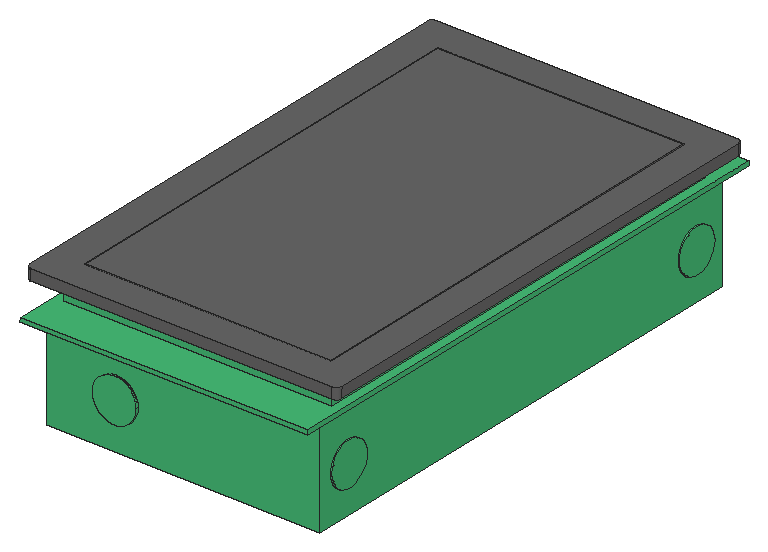
Revit family "Electrical_Equipment-Floor_Box-Hubbell_Wiring-2_Gang-Concrete_Shallow-CFB2G25", category Electrical Fixtures, host Face, Revit 2015
Parameters (values of type "CFB2G25CR")
  URL = "http://www.hubbell-wiring.com/"
  Product data url = "https://bimobject.com/hubbellwiring/product/hubbell-cfb2g25"
  Product Page URL = "http://ecatalog.hubbell-wiring.com/productinformation/viewcatalog.aspx?Dest=hubbell-wiring.com/press/catalog/O.pdf"
  Product Documentation Link = "http://www.hubbell-wiring.com/DrawingLibrary.aspx/"
  Model = "CFB2G25CR"
  Manufacturer = "Hubbell-Wiring"  # constant formula
  Keynote = ""
  Device Plate 2 [instance] = Device Plate : FBMP139 - Simplex / 20A - 1.39" circular opening
  Device Plate 1 [instance] = Device Plate : FBMP139 - Simplex / 20A - 1.39" circular opening
  Description = "2 Gang Concrete Floor Box Shallow"  # constant formula
  Default Elevation = 0.00"
  Cover Type [instance] = 2-4Carpet : 24GCCVRBK - Black - No Recess
  Conduit Connector_9 Description = "Conduit 1in, 0.75in. or 0.5in. Connection"
  Conduit Connector_8 Description = "Conduit 1in, 0.75in. or 0.5in. Connection"
  Conduit Connector_7 Description = "Conduit 1in, 0.75in. or 0.5in. Connection"
  Conduit Connector_6 Description = "Conduit 1in, 0.75in. or 0.5in. Connection"
  Conduit Connector_5 Description = "Conduit 1in, 0.75in. or 0.5in. Connection"
  Conduit Connector_4 Description = "Conduit 1in, 0.75in. or 0.5in. Connection"
  Conduit Connector_3 Description = "Conduit 1in, 0.75in. or 0.5in. Connection"
  Conduit Connector_2 Description = "Conduit 1in, 0.75in. or 0.5in. Connection"
  Conduit Connector_10 Description = "Conduit 1in, 0.75in. or 0.5in. Connection"
  Conduit Connector_1 Description = "Conduit 1in, 0.75in. or 0.5in. Connection"
  Conduit Connector 1 Radius = 0.50"
  Box Material = Metal - Hubbell - Green Finish
  Assembly Code = "D5020115"
Types (2): name | Model | Cover Type | Box Material
  CFB2G25 | "CFB2G25" | 2CFF : 2GCFFCVRNK - Nickel Cover | Metal - Hubbell - Steel
  CFB2G25CR | "CFB2G25CR" | 2-4Carpet : 24GCCVRBK - Black - No Recess | Metal - Hubbell - Green Finish
Reference planes (in)
  plane 1 "Center (Front/Back)": y = 0
  plane 2: z = 0
  plane 3 "Center (Left/Right)": x = 0
  plane 4 "Bottom": z = -2.89
  plane 5: y = -5
  plane 6: z = -1.792
  plane 7: z = -2.95
  plane 8: x = -3.14626
  plane 9: x = 3.14626
  plane 10: y = 5.77798
  plane 11: y = -5.77798
  plane 12: z = -2.79
  plane 13: x = -2.94626
  plane 14: x = 2.94626
  plane 15: y = 5.57798
  plane 16: y = -5.57798
  plane 17: y = 5
  plane 18: x = -3.2
  plane 19: x = 3.2
  plane 20: y = -5.83
  plane 21: y = 5.83
  plane 22: x = -1.54998
  plane 23: z = -0.58
  plane 24: z = -0.48
Forms (in)
  Extrusion 1, solid, material "Metal - Hubbell - Green Finish" <- "Box Material"
    sketch origin (0, 0, -2.89) x (0, 1, 0) y (-1, 0, 0)
      loop
        line (-5.77798, 3.14626) -> (-5.77798, -3.14626) -> (5.77798, -3.14626) -> (5.77798, 3.14626) -> (-5.77798, 3.14626)
    from 0 to 2.31
  Extrusion 2, solid, material "Metal - Hubbell - Green Finish" <- "Box Material", detail levels medium+fine
    sketch origin (0, 0, 0) x (1, 0, 0) y (0, 0, 1)
      loop
        circle (-1.54998, -1.792) r 0.5
    from 5.77798 to 5.83
  Extrusion 3, solid, material "Metal - Hubbell - Green Finish" <- "Box Material", detail levels medium+fine
    sketch origin (0, 0, 0) x (1, 0, 0) y (0, 0, -1)
      loop
        circle (-1.54998, 1.792) r 0.5
    from 5.77798 to 5.83
  Extrusion 4, solid, material "Metal - Hubbell - Green Finish" <- "Box Material", detail levels medium+fine
    sketch origin (0, 0, 0) x (0, 1, 0) y (0, 0, 1)
      loop
        circle (-5, -1.792) r 0.5
      loop
        circle (5, -1.792) r 0.5
    from 3.14626 to 3.2
  Extrusion 5, solid, material "Metal - Hubbell - Green Finish" <- "Box Material", detail levels medium+fine
    sketch origin (0, 0, 0) x (0, 1, 0) y (0, 0, -1)
      loop
        circle (-5, 1.792) r 0.5
      loop
        circle (5, 1.792) r 0.5
    from 3.14626 to 3.2
  Extrusion 6, void
    sketch origin (0, 0, 0) x (1, 0, 0) y (0, 1, 0)
      loop
        line (-2.94626, 5.57798) -> (-2.94626, -5.57798) -> (2.94626, -5.57798) -> (2.94626, 5.57798) -> (-2.94626, 5.57798)
    from -2.79 to 0
  Extrusion 7, solid, material "Metal - Hubbell - Green Finish" <- "Box Material", detail levels medium+fine
    sketch origin (0, 0, 0) x (1, 0, 0) y (0, 1, 0)
      loop
        circle (2.28538, 4.59716) r 0.5
      loop
        circle (-2.28538, -4.59716) r 0.5
      loop
        circle (2.28538, -4.59716) r 0.5
      loop
        circle (-2.28538, 4.59716) r 0.5
    from -2.95 to -2.89
  Extrusion 8, void
    sketch origin (0, 0, 0) x (1, 0, 0) y (0, 1, 0)
      loop
        line (-3.14626, 5.77798) -> (-3.14626, -5.77798) -> (3.14626, -5.77798) -> (3.14626, 5.77798) -> (-3.14626, 5.77798)
    from -2.89 to -0.48
  Sweep 9, solid, material "Metal - Hubbell - Green Finish" <- "Box Material"
    path origin (0, 0, 0) x (0, 1, 0) y (0, 0, 1)
      loop
        line (0, -0.58) -> (0, -0.48)
    profile origin (0, 0, -0.53) x (0, -1, 0) y (1, 0, 0)
      loop
        line (6.33363, -3.31) -> (6.33363, 3.31) -> (-6.33363, 3.31) -> (-6.33363, -3.31) -> (6.33363, -3.31)
  Sweep 10, solid, material "Metal - Hubbell - Green Finish" <- "Box Material"
    path origin (0, 0, 0) x (0, 1, 0) y (0, 0, 1)
      loop
        line (0, 0) -> (0, -0.48)
    profile origin (0, 0, -0.24) x (1, 0, 0) y (0, 1, 0)
      loop
        line (3.0901, 5.36407) -> (-3.0901, 5.36407) -> (-3.0901, -5.36407) -> (3.0901, -5.36407) -> (3.0901, 5.36407)
Cuts and joins
  Extrusion 6 cuts Extrusion 1
Lines and regions (in)
  symbolic lines
    curve 1: line (0, -5.77798, -2.89) -> (0, -5.77798, 0)
    curve 2: line (0, -5.77798, 0) -> (0, 5.77798, 0)
    curve 3: line (0, 5.77798, 0) -> (0, 5.77798, -2.89)
    curve 4: line (0, 5.77798, -2.89) -> (0, -5.77798, -2.89)
    curve 5: line (-3.14626, 0, 0) -> (-3.14626, 0, -2.89)
    curve 6: line (-3.14626, 0, -2.89) -> (3.14626, 0, -2.89)
    curve 7: line (3.14626, 0, -2.89) -> (3.14626, 0, 0)
    curve 8: line (-3.14626, 0, 0) -> (3.14626, 0, 0)
Dimensions and locks (in)
  equal spacing: Extrusion 7 sketch curve, plane 3 "Center (Left/Right)", Extrusion 7 sketch curve  (x2)
  equal spacing: Extrusion 7 sketch curve, plane 1 "Center (Front/Back)", Extrusion 7 sketch curve  (x2)
  locked: plane 13 to Extrusion 7 sketch curve at 0.66088
  locked: plane 5 to Extrusion 5 sketch curve at 0
  locked: plane 6 to Extrusion 5 sketch curve at 0  (x2)
  locked: plane 17 to Extrusion 5 sketch curve at 0
  locked: plane 5 to Extrusion 4 sketch curve at 0
  locked: plane 6 to Extrusion 4 sketch curve at 0  (x2)
  locked: plane 17 to Extrusion 4 sketch curve at 0
  equal spacing: plane 20, plane 1 "Center (Front/Back)", plane 21, locked at 5.83 each
  equal spacing: plane 11, plane 1 "Center (Front/Back)", plane 10, locked at 5.77798 each
  equal spacing: plane 16, plane 1 "Center (Front/Back)", plane 15, locked at 5.57798 each
  locked: plane 18 to plane 19 at 6.4
  locked: plane 21 to plane 20 at 11.66
  equal spacing: plane 17, plane 1 "Center (Front/Back)", plane 5
  plane 17 to plane 1 "Center (Front/Back)" = 5.00"
  equal spacing: plane 18, plane 3 "Center (Left/Right)", plane 19
  equal spacing: plane 8, plane 3 "Center (Left/Right)", plane 9, locked at 3.14626 each
  equal spacing: plane 13, plane 3 "Center (Left/Right)", plane 14, locked at 2.94626 each
  locked: Sweep 9 to plane 3 "Center (Left/Right)" at 3.31
  locked: plane 3 "Center (Left/Right)" to Sweep 10 at 3.0901
  locked: plane 24 to level at 0.48
  radius of Extrusion 7 sketch curve = 0.50"  (x4)
  "Conduit Connector 1 Radius": radius of Extrusion 5 sketch curve  (x2)
  "Conduit Connector 1 Radius": radius of Extrusion 4 sketch curve  (x2)
  "Conduit Connector 1 Radius": radius of Extrusion 2 sketch curve
  "Conduit Connector 1 Radius": radius of Extrusion 3 sketch curve
  aligned and locked: host face to plane 2
  aligned and locked: level to host face
  aligned and locked: plane 8 to Extrusion 5
  aligned and locked: Extrusion 4 to plane 9
  aligned and locked: Extrusion 2 to plane 11
  aligned and locked: plane 10 to Extrusion 3
  aligned and locked: Extrusion 1 to plane 4 "Bottom"
  aligned and locked: Extrusion 1 sketch curve to plane 9
  aligned and locked: plane 10 to Extrusion 1 sketch curve
  aligned and locked: plane 8 to Extrusion 1 sketch curve
  aligned and locked: plane 11 to Extrusion 1 sketch curve
  aligned and locked: cut or joined group of Extrusion 1, Extrusion 6 to plane 13
  aligned and locked: plane 14 to cut or joined group of Extrusion 1, Extrusion 6
  aligned and locked: cut or joined group of Extrusion 1, Extrusion 6 to plane 15
  aligned and locked: plane 16 to cut or joined group of Extrusion 1, Extrusion 6
  aligned and locked: plane 2 to cut or joined group of Extrusion 1, Extrusion 6
  aligned and locked: plane 4 "Bottom" to Extrusion 7
  aligned and locked: plane 8 to Extrusion 8 sketch curve
  aligned and locked: Extrusion 8 sketch curve to plane 9
  aligned and locked: plane 11 to curve 1
  aligned and locked: Extrusion 7 to plane 7
  aligned and locked: Extrusion 5 to plane 18
  aligned and locked: plane 19 to Extrusion 4
  aligned and locked: plane 20 to Extrusion 2
  aligned and locked: plane 21 to Extrusion 3
  aligned and locked: curve 5 to plane 8
  aligned and locked: curve 6 to plane 4 "Bottom"
  aligned and locked: plane 9 to curve 7
  aligned and locked: curve 3 to plane 10
  aligned and locked: plane 22 to Extrusion 2 sketch curve
  aligned and locked: plane 6 to Extrusion 2 sketch curve
  aligned and locked: plane 22 to Extrusion 3 sketch curve
  aligned and locked: plane 6 to Extrusion 3 sketch curve
  aligned and locked: plane 1 "Center (Front/Back)" to nested 1
  aligned and locked: plane 3 "Center (Left/Right)" to nested 1
  aligned and locked: Extrusion 1 to plane 23
  aligned and locked: plane 1 "Center (Front/Back)" to Sweep 9 sketch curve
  aligned and locked: plane 24 to Sweep 9 sketch curve
  aligned and locked: plane 23 to Sweep 9 sketch curve
  aligned and locked: Sweep 10 sketch curve to plane 1 "Center (Front/Back)"
  aligned and locked: level to Sweep 10 sketch curve
  aligned and locked: plane 24 to Sweep 10 sketch curve
  aligned and locked: Extrusion 6 to plane 12
  aligned and locked: curve 8 to plane 2
  aligned and locked: Extrusion 8 to plane 10
  aligned and locked: plane 11 to Extrusion 8
  aligned and locked: Extrusion 8 to plane 24
  aligned and locked: Extrusion 8 to plane 4 "Bottom"
  aligned and locked: plane 4 "Bottom" to curve 4
  aligned and locked: curve 2 to plane 2
Automatic sketch dimensions
  host sketch curve to host sketch curve = 96.00"  (x2)
  Extrusion 6 sketch curve to plane 13 = 0.00"
  plane 14 to Extrusion 6 sketch curve = 0.00"
  plane 16 to Extrusion 6 sketch curve = 0.00"
  Extrusion 6 sketch curve to plane 15 = 0.00"
  Extrusion 7 sketch curve to plane 5 = 0.40284"  (x2)
  plane 13 to Extrusion 7 sketch curve = 0.66088"
  Extrusion 8 sketch curve to plane 21 = 0.05202"
  Extrusion 8 sketch curve to plane 20 = 0.05202"
  Sweep 9 sketch curve to plane 3 "Center (Left/Right)" = 3.31"
  Sweep 10 sketch curve to plane 3 "Center (Left/Right)" = 3.0901"
  profile plane to Sweep 10 sketch curve = 5.36407"
  Sweep 10 sketch curve to Sweep 10 sketch curve = 10.72814"
  plane 3 "Center (Left/Right)" to Sweep 10 sketch curve = 3.0901"
  profile plane to Sweep 9 sketch curve = 6.33363"
  Sweep 9 sketch curve to profile plane = 6.33363"
  plane 3 "Center (Left/Right)" to Sweep 9 sketch curve = 3.31"
  Extrusion 3 sketch curve to plane 22 = 0.00"
Nested families (in)
  nested 1: "2-4Carpet" at (0, 0, 0), type <- "Cover Type", type "24GCCVRBK - Black - No Recess"
    with Recess Cover no
Connectors (in)
  cabletrayconduit at (-1.54998, -5.83, -1.792), diameter 1, driven by "Conduit Connector 1 Radius", driven by "Conduit Connector_1 Description"
    settings: on Extrusion 2, index 1, connector width 12.00", connector height 12.00", connector angle 0.00°, system type 32, placement type 0, profile type 0, connector reference index -1, is primary connector yes, connector utility param no, connector description "Conduit 1in, 0.75in. or 0.5in. Connection"
  cabletrayconduit at (-3.2, -5, -1.792), diameter 1, driven by "Conduit Connector 1 Radius", driven by "Conduit Connector_2 Description"
    settings: on Extrusion 5, index 2, connector width 12.00", connector height 12.00", connector angle 0.00°, system type 32, placement type 0, profile type 0, connector reference index -1, is primary connector no, connector utility param no, connector description "Conduit 1in, 0.75in. or 0.5in. Connection"
  cabletrayconduit at (-3.2, 5, -1.792), diameter 1, driven by "Conduit Connector 1 Radius", driven by "Conduit Connector_3 Description"
    settings: on Extrusion 5, index 3, connector width 12.00", connector height 12.00", connector angle 0.00°, system type 32, placement type 0, profile type 0, connector reference index -1, is primary connector no, connector utility param no, connector description "Conduit 1in, 0.75in. or 0.5in. Connection"
  cabletrayconduit at (-1.54998, 5.83, -1.792), diameter 1, driven by "Conduit Connector 1 Radius", driven by "Conduit Connector_4 Description"
    settings: on Extrusion 3, index 4, connector width 12.00", connector height 12.00", connector angle 0.00°, system type 32, placement type 0, profile type 0, connector reference index -1, is primary connector no, connector utility param no, connector description "Conduit 1in, 0.75in. or 0.5in. Connection"
  cabletrayconduit at (3.2, 5, -1.792), diameter 1, driven by "Conduit Connector 1 Radius", driven by "Conduit Connector_5 Description"
    settings: on Extrusion 4, index 5, connector width 12.00", connector height 12.00", connector angle 0.00°, system type 32, placement type 0, profile type 0, connector reference index -1, is primary connector no, connector utility param no, connector description "Conduit 1in, 0.75in. or 0.5in. Connection"
  cabletrayconduit at (3.2, -5, -1.792), diameter 1, driven by "Conduit Connector 1 Radius", driven by "Conduit Connector_6 Description"
    settings: on Extrusion 4, index 6, connector width 12.00", connector height 12.00", connector angle 0.00°, system type 32, placement type 0, profile type 0, connector reference index -1, is primary connector no, connector utility param no, connector description "Conduit 1in, 0.75in. or 0.5in. Connection"
  cabletrayconduit at (2.28538, -4.59716, -2.95), diameter 1, driven by "Conduit Connector 1 Radius", driven by "Conduit Connector_7 Description"
    settings: on Extrusion 7, index 7, connector width 12.00", connector height 12.00", connector angle 0.00°, system type 32, placement type 0, profile type 0, connector reference index -1, is primary connector no, connector utility param no, connector description "Conduit 1in, 0.75in. or 0.5in. Connection"
  cabletrayconduit at (-2.28538, -4.59716, -2.95), diameter 1, driven by "Conduit Connector 1 Radius", driven by "Conduit Connector_8 Description"
    settings: on Extrusion 7, index 8, connector width 12.00", connector height 12.00", connector angle 0.00°, system type 32, placement type 0, profile type 0, connector reference index -1, is primary connector no, connector utility param no, connector description "Conduit 1in, 0.75in. or 0.5in. Connection"
  cabletrayconduit at (2.28538, 4.59716, -2.95), diameter 1, driven by "Conduit Connector 1 Radius", driven by "Conduit Connector_9 Description"
    settings: on Extrusion 7, index 9, connector width 12.00", connector height 12.00", connector angle 0.00°, system type 32, placement type 0, profile type 0, connector reference index -1, is primary connector no, connector utility param no, connector description "Conduit 1in, 0.75in. or 0.5in. Connection"
  cabletrayconduit at (-2.28538, 4.59716, -2.95), diameter 1, driven by "Conduit Connector 1 Radius", driven by "Conduit Connector_10 Description"
    settings: on Extrusion 7, index 10, connector width 12.00", connector height 12.00", connector angle 0.00°, system type 32, placement type 0, profile type 0, connector reference index -1, is primary connector no, connector utility param no, connector description "Conduit 1in, 0.75in. or 0.5in. Connection"
Definition of nested family "2-4Carpet"
  Parameters
    URL = "http://www.hubbell-wiring.com/"
    Recess Cover = yes
    Product Page URL = ""
    Product Documentation Link = ""
    Model = "24GCCVRALUC"
    Manufacturer = "Hubbell-Wiring"  # constant formula
    Description = "2 & 4 Gang Carpet Cover Assy."  # constant formula
    Default Elevation = 0.00"
    Cover Material = none
    Assembly Code = "D5020115"
  Reference planes (in)
    plane 1 "Center (Front/Back)": y = 0
    plane 2: z = 0
    plane 3 "Center (Left/Right)": x = 0
    plane 4: x = -2.835
    plane 5: x = 2.835
    plane 6: y = 5.08
    plane 7: y = -5.08
    plane 8: z = 0.24
    plane 9: x = 3.59
    plane 10: x = -3.59
    plane 11: y = 5.83
    plane 12: y = -5.83
    plane 13: x = -2.71
    plane 14: x = 2.71
    plane 15: y = 4.955
    plane 16: y = -4.955
    plane 17: z = -0.25
    plane 18: y = 2.145
    plane 19: y = -2.145
    plane 20: x = -1.625
    plane 21: x = 1.625
    plane 22: x = -1.07
    plane 23: x = 1.07
    plane 24: y = 3.22
    plane 25: y = -3.22
  Forms (in)
    Extrusion 1, solid
      sketch origin (0, 0, 0) x (1, 0, 0) y (0, 1, 0)
        loop
          line (-48, 48) -> (-48, -48) -> (48, -48) -> (48, 48) -> (-48, 48)
      from 0 to -12
    Extrusion 2, solid, material <- "Cover Material"
      sketch origin (0, 0, 0) x (1, 0, 0) y (0, 1, 0)
        loop
          line (-2.835, 5.08) -> (-2.835, -5.08) -> (2.835, -5.08) -> (2.835, 5.08) -> (-2.835, 5.08)
      from 0 to 0.24
    Extrusion 3, solid, material <- "Cover Material"
      sketch origin (0, 0, 0) x (1, 0, 0) y (0, 1, 0)
        loop
          line (-2.835, 5.08) -> (-2.835, -5.08) -> (2.835, -5.08) -> (2.835, 5.08) -> (-2.835, 5.08)
        loop
          arc (-3.465, 5.83) -> (-3.55339, 5.79339) -> (-3.59, 5.705) r 0.125
          line (-3.59, 5.705) -> (-3.59, -5.7)
          arc (-3.59, -5.7) -> (-3.55192, -5.79192) -> (-3.46, -5.83) r 0.13
          line (-3.46, -5.83) -> (3.46, -5.83)
          arc (3.46, -5.83) -> (3.55192, -5.79192) -> (3.59, -5.7) r 0.13
          line (3.59, -5.7) -> (3.59, 5.7)
          arc (3.59, 5.7) -> (3.55192, 5.79192) -> (3.46, 5.83) r 0.13
          line (3.46, 5.83) -> (-3.465, 5.83)
      from 0 to 0.24
    Extrusion 4, solid, material <- "Cover Material"
      sketch origin (0, 0, 0) x (1, 0, 0) y (0, 1, 0)
        loop
          line (-2.835, 5.08) -> (-2.835, -5.08) -> (2.835, -5.08) -> (2.835, 5.08) -> (-2.835, 5.08)
        loop
          line (-2.71, 4.955) -> (-2.71, -4.955) -> (2.71, -4.955) -> (2.71, 4.955) -> (-2.71, 4.955)
      from 0 to -0.25
  Cuts and joins
    joined: Extrusion 2, Extrusion 4
  Lines and regions (in)
    symbolic lines
      curve 1: line (-3.59, 5.83, 0) -> (3.59, 5.83, 0)
      curve 2: line (-3.59, -5.83, 0) -> (-3.59, 5.83, 0)
      curve 3: line (3.59, -5.83, 0) -> (-3.59, -5.83, 0)
      curve 4: line (3.59, 5.83, 0) -> (3.59, -5.83, 0)
      curve 9: line (-3.59, 0, 0.24) -> (3.59, 0, 0.24)
      curve 10: line (-3.59, 0, 0) -> (-3.59, 0, 0.24)
      curve 11: line (3.59, 0, 0) -> (-3.59, 0, 0)
      curve 12: line (3.59, 0, 0.24) -> (3.59, 0, 0)
      curve 13: line (2.835, 0, -0.25) -> (-2.835, 0, -0.25)
      curve 14: line (2.835, 0, 0) -> (2.835, 0, -0.25)
      curve 15: line (-2.835, 0, -0.25) -> (-2.835, 0, 0)
      curve 16: line (0, 5.83, 0.24) -> (0, -5.83, 0.24)
      curve 17: line (0, 5.83, 0) -> (0, 5.83, 0.24)
      curve 18: line (0, -5.83, 0) -> (0, 5.83, 0)
      curve 19: line (0, -5.83, 0.24) -> (0, -5.83, 0)
      curve 20: line (0, 5.08, -0.25) -> (0, 5.08, 0)
      curve 21: line (0, -5.08, -0.25) -> (0, 5.08, -0.25)
      curve 22: line (0, -5.08, 0) -> (0, -5.08, -0.25)
    symbolic lines, detail levels medium+fine
      curve 5: line (-2.835, 5.08, 0) -> (2.835, 5.08, 0)
      curve 6: line (-2.835, -5.08, 0) -> (-2.835, 5.08, 0)
      curve 7: line (2.835, -5.08, 0) -> (-2.835, -5.08, 0)
      curve 8: line (2.835, 5.08, 0) -> (2.835, -5.08, 0)
      curve 39: line (-1.625, 1.895, 0) -> (-1.625, -1.895, 0)
      curve 40: arc (-1.625, -1.895, 0) -> (-1.69822, -2.07178, 0) -> (-1.875, -2.145, 0) r 0.25
      curve 41: line (-1.875, -2.145, 0) -> (-2.835, -2.145, 0)
      curve 42: line (-2.835, -2.145, 0) -> (-2.835, 2.145, 0)
      curve 43: line (-2.835, 2.145, 0) -> (-1.875, 2.145, 0)
      curve 44: arc (-1.875, 2.145, 0) -> (-1.69822, 2.07178, 0) -> (-1.625, 1.895, 0) r 0.25
      curve 45: line (1.625, 1.895, 0) -> (1.625, -1.895, 0)
      curve 46: arc (1.625, -1.895, 0) -> (1.69822, -2.07178, 0) -> (1.875, -2.145, 0) r 0.25
      curve 47: line (1.875, -2.145, 0) -> (2.835, -2.145, 0)
      curve 48: line (2.835, -2.145, 0) -> (2.835, 2.145, 0)
      curve 49: line (2.835, 2.145, 0) -> (1.875, 2.145, 0)
      curve 50: arc (1.875, 2.145, 0) -> (1.69822, 2.07178, 0) -> (1.625, 1.895, 0) r 0.25
    model lines, detail levels medium+fine
      curve 23: line (2.835, 2.145, 0.24) -> (1.875, 2.145, 0.24)
      curve 24: line (2.835, -2.145, 0.24) -> (2.835, 2.145, 0.24)
      curve 25: line (1.875, -2.145, 0.24) -> (2.835, -2.145, 0.24)
      curve 26: line (1.625, 1.895, 0.24) -> (1.625, -1.895, 0.24)
      curve 27: arc (1.625, 1.895, 0.24) -> (1.69822, 2.07178, 0.24) -> (1.875, 2.145, 0.24) r 0.25
      curve 28: arc (1.875, -2.145, 0.24) -> (1.69822, -2.07178, 0.24) -> (1.625, -1.895, 0.24) r 0.25
      curve 31: line (-2.835, 2.145, 0.24) -> (-1.875, 2.145, 0.24)
      curve 32: line (-2.835, -2.145, 0.24) -> (-2.835, 2.145, 0.24)
      curve 33: line (-1.875, -2.145, 0.24) -> (-2.835, -2.145, 0.24)
      curve 34: line (-1.625, 1.895, 0.24) -> (-1.625, -1.895, 0.24)
      curve 35: arc (-1.625, 1.895, 0.24) -> (-1.69822, 2.07178, 0.24) -> (-1.875, 2.145, 0.24) r 0.25
      curve 36: arc (-1.875, -2.145, 0.24) -> (-1.69822, -2.07178, 0.24) -> (-1.625, -1.895, 0.24) r 0.25
    reference lines
      curve 29: arc (1.625, 1.895, 0.24) -> (1.69822, 2.07178, 0.24) -> (1.875, 2.145, 0.24) r 0.25
      curve 30: arc (1.875, -2.145, 0.24) -> (1.69822, -2.07178, 0.24) -> (1.625, -1.895, 0.24) r 0.25
      curve 37: arc (-1.625, 1.895, 0.24) -> (-1.69822, 2.07178, 0.24) -> (-1.875, 2.145, 0.24) r 0.25
      curve 38: arc (-1.875, -2.145, 0.24) -> (-1.69822, -2.07178, 0.24) -> (-1.625, -1.895, 0.24) r 0.25
    model lines, visible <- "Recess Cover", detail levels medium+fine
      curve 51: line (-1.07, 3.22, 0.24) -> (1.07, 3.22, 0.24)
      curve 52: line (-1.07, -3.22, 0.24) -> (-1.07, 3.22, 0.24)
      curve 53: line (1.07, -3.22, 0.24) -> (-1.07, -3.22, 0.24)
      curve 54: line (1.07, 3.22, 0.24) -> (1.07, -3.22, 0.24)
  Dimensions and locks (in)
    equal spacing: plane 4, plane 3 "Center (Left/Right)", plane 5
    locked: plane 4 to plane 5 at 5.67
    equal spacing: plane 7, plane 1 "Center (Front/Back)", plane 6
    locked: plane 7 to plane 6 at 10.16
    locked: plane 8 to plane 2 at 0.24
    equal spacing: plane 10, plane 3 "Center (Left/Right)", plane 9
    locked: plane 10 to plane 9 at 7.18
    equal spacing: plane 12, plane 1 "Center (Front/Back)", plane 11
    locked: plane 11 to plane 12 at 11.66
    locked: plane 4 to plane 13 at 0.125
    locked: plane 14 to plane 5 at 0.125
    locked: plane 15 to plane 6 at 0.125
    locked: plane 16 to plane 7 at 0.125
    locked: plane 2 to plane 17 at 0.25
    equal spacing: plane 19, plane 1 "Center (Front/Back)", plane 18
    locked: plane 19 to plane 18 at 4.29
    locked: plane 4 to plane 20 at 1.21
    locked: plane 21 to plane 5 at 1.21
    equal spacing: plane 22, plane 3 "Center (Left/Right)", plane 23
    locked: plane 22 to plane 23 at 2.14
    equal spacing: plane 25, plane 1 "Center (Front/Back)", plane 24
    locked: plane 25 to plane 24 at 6.44
    radius of Extrusion 3 sketch curve = 0.125"
    radius of Extrusion 3 sketch curve = 0.13"  (x3)
    aligned and locked: plane 2 to Extrusion 1
    aligned and locked: level to Extrusion 1
    aligned and locked: plane 6 to Extrusion 2 sketch curve
    aligned and locked: Extrusion 2 sketch curve to plane 4
    aligned and locked: plane 7 to Extrusion 2 sketch curve
    aligned and locked: Extrusion 2 sketch curve to plane 5
    aligned and locked: plane 8 to Extrusion 2
    aligned and locked: Extrusion 3 sketch curve to Extrusion 2  (x4)
    aligned and locked: plane 11 to Extrusion 3 sketch curve
    aligned and locked: Extrusion 3 sketch curve to plane 10
    aligned and locked: plane 12 to Extrusion 3 sketch curve
    aligned and locked: Extrusion 3 sketch curve to plane 9
    aligned and locked: plane 8 to Extrusion 3
    aligned and locked: Extrusion 3 to plane 2
    aligned and locked: Extrusion 2 to plane 2
    aligned and locked: Extrusion 4 sketch curve to Extrusion 2  (x4)
    aligned and locked: plane 15 to Extrusion 4 sketch curve
    aligned and locked: Extrusion 4 sketch curve to plane 13
    aligned and locked: plane 16 to Extrusion 4 sketch curve
    aligned and locked: Extrusion 4 sketch curve to plane 14
    aligned and locked: Extrusion 4 to plane 17
    aligned and locked: plane 2 to Extrusion 4
    aligned and locked: plane 11 to curve 1
    aligned and locked: curve 2 to plane 10
    aligned and locked: plane 12 to curve 3
    aligned and locked: curve 4 to plane 9
    aligned and locked: curve 5 to Extrusion 2
    aligned and locked: curve 6 to Extrusion 2
    aligned and locked: curve 7 to Extrusion 2
    aligned and locked: curve 8 to Extrusion 2
    aligned and locked: curve 14 to Extrusion 4
    aligned and locked: curve 15 to Extrusion 4
    aligned and locked: curve 20 to Extrusion 4
    aligned and locked: curve 21 to Extrusion 4
    aligned and locked: curve 22 to Extrusion 4
    aligned and locked: curve 23 to plane 18
    aligned and locked: plane 5 to curve 24
    aligned and locked: curve 29 to curve 27
    aligned and locked: curve 30 to curve 28
    aligned and locked: curve 32 to plane 4
    aligned and locked: curve 36 to curve 38
    aligned and locked: curve 35 to curve 37
    aligned and locked: curve 40 to curve 36
    aligned and locked: curve 42 to curve 32
    aligned and locked: curve 43 to curve 31
    aligned and locked: curve 44 to curve 35
    aligned and locked: curve 46 to curve 28
    aligned and locked: curve 48 to curve 24
    aligned and locked: curve 49 to curve 23
    aligned and locked: curve 50 to curve 27
    aligned and locked: plane 17 to curve 13
    aligned and locked: curve 9 to plane 8
    aligned and locked: curve 10 to plane 10
    aligned and locked: plane 2 to curve 11
    aligned and locked: cut or joined group of Extrusion 2, Extrusion 4 to plane 17
    aligned and locked: curve 12 to plane 9
    aligned and locked: curve 16 to plane 8
    aligned and locked: plane 12 to curve 19
    aligned and locked: plane 11 to curve 17
    aligned and locked: plane 2 to curve 18
    aligned and locked: plane 24 to curve 51
    aligned and locked: curve 52 to plane 22
    aligned and locked: curve 54 to plane 23
    aligned and locked: plane 25 to curve 53
  Automatic sketch dimensions
    Extrusion 1 sketch curve to Extrusion 1 sketch curve = 96.00"  (x2)
    curve 37 to curve 38 = 0.00"
    curve 37 to curve 37 = 0.25"
    curve 38 to curve 38 = 0.25"
    curve 37 to curve 29 = 3.25"
    curve 38 to curve 30 = 3.25"
    curve 29 to curve 29 = 0.25"
    curve 30 to curve 30 = 0.25"
    curve 30 to curve 38 = 0.25"
    curve 38 to curve 37 = 3.79"
    curve 37 to curve 29 = 0.00"
